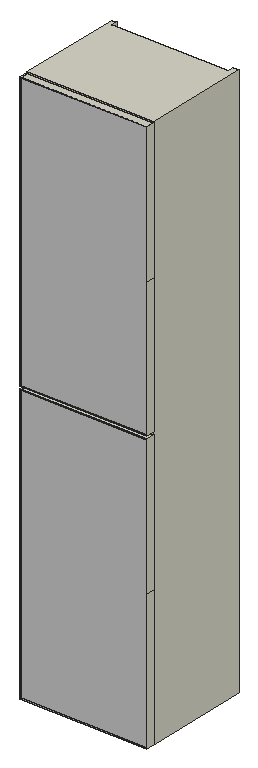
Revit family "bathroom vanity-hansgrohe-54222XXX-Xevolos E Tall cabinet Sand Matt Beige 400_360, door hinge right", category Furniture, Revit 2019
Family settings
  OmniClass Number = 23.40.00.00
  OmniClass Title = Equipment and Furnishings
  Work Plane-Based = No
  Always vertical = Yes
  Cut with Voids When Loaded = No
  Shared = Yes
  Room Calculation Point = No
Parameters (values of type "54222790-SAND_MATT_BEIGE-METALLIC_SAND_BEIGE-400")
  etim7_EC011381 = "EC011381"
  WEIGHT = "41.2"
  UNSPSC = "56 | Furniture and Furnishings"
  UNIFORMATII = "E2010 | Fixed Furnishings"
  UNICLASS_2015_CODE = "40_30_78_05"
  UNICLASS2015 = "Pr_40_30_78_05 | Bathroom furniture"
  SURFACE = "METALLIC_SAND_BEIGE"
  REGION = "Worldwide"
  PRODUCTURL = "https://pro.hansgrohe.com/articledetail--54222790"
  PERMALINK = "54222XXX"
  OMNICLASS = "23-21 19 15 33 13 | Residential Bathroom Specialty Casework"
  OBJECTTYPE = "Object (single object)"
  OBERFLAECHE = "SAND_MATT_BEIGE"
  NN = "Tall cabinet, door hinge"
  NBSYN = "$ARTNR.-$OBERFLAECHE.-$SURFACE.-$LODLEVEL."
  NB = "54222790-SAND_MATT_BEIGE-METALLIC_SAND_BEIGE-400"
  NAME = "Xevolos E Tall cabinet Sand Matt Beige 400/360, door hinge right"
  Model = "54222790-SAND_MATT_BEIGE-METALLIC_SAND_BEIGE-400"
  Manufacturer = "Hansgrohe"
  MIdent = "{$CADENAS_DATA/23d-libs/hansgrohe/xevolos_furniture/xevolos_tall_cabinet_door_hinge/tall_cabinet_door_hinge.prj},263 {VTYP=3D},{NB=54222790-SAND_MATT_BEIGE-METALLIC_SAND_BEIGE-400},{LINA=54222790-SAND_MATT_BEIGE-METALLIC_SAND_BEIGE-400},{NN=Tall cabinet, door hinge},{DATE=13.03.2023 12:06:51},{GEOMDATE=12.03.2023 06:51:00},{VERSION=},{LINEID=150},{WBVAR=LODLEVEL},{WBNUMERIC=}  {NB=54222790-SAND_MATT_BEIGE-METALLIC_SAND_BEIGE-400},{LINA=54222790-SAND_MATT_BEIGE-METALLIC_SAND_BEIGE-400},{KT=DUMMY},{IDNR=15},{ARTNR=54222790},{BASENUMBER=54222},{MODEL=54222XXX},{OBERFLAECHE=SAND_MATT_BEIGE},{SURFACE=METALLIC_SAND_BEIGE},{L=400},{LODLEVEL=400},{LODLEVELX='400','400','200','200'},{NAME=Xevolos E Tall cabinet Sand Matt Beige 400/360, door hinge right},{PERMALINK=54222XXX},{OBJECTTYPE=Object (single object)},{BIMOBJECT=Sanitary: Compound units},{COLLECTIONSET=Xevolos E},{COLLECTION=bathroom vanity},{WEIGHT=41.2},{DESCRIPTION=Xevolos E Tall cabinet Sand Matt Beige 400/360, door hinge right},{PRODUCTURL=https://pro.hansgrohe.com/articledetail--54222790},{GTINCODE=0},{TENDERURL=0},{IFC=Furnishing element},{ETIM=EC011381 | Bathroom furniture set},{UNICLASS2015=Pr_40_30_78_05 | Bathroom furniture},{OMNICLASS=23-21 19 15 33 13 | Residential Bathroom Specialty Casework},{MASTERFORMAT=12 35 30.23 | Bathroom Casework},{UNSPSC=56 | Furniture and Furnishings},{UNIFORMATII=E2010 | Fixed Furnishings},{REGION=Worldwide},{DESIGN=Germany},{MANUFACTURER=Germany}"
  MASTERFORMAT = "12 35 30.23 | Bathroom Casework"
  LODLEVEL = "400"
  LINA = "54222790-SAND_MATT_BEIGE-METALLIC_SAND_BEIGE-400"
  L = 400
  IFC = "Furnishing element"
  IDNR = 15
  ETIM = "EC011381 | Bathroom furniture set"
  DESIGN = "Germany"
  COLLECTIONSET = "Xevolos E"
  COLLECTION = "bathroom vanity"
  CATALOG = "Hansgrohe"
  BIMOBJECT = "Sanitary: Compound units"
  BASENUMBER = "54222"
  ARTNR = "54222790"
  54222790-SAND_MATT_BEIGE-METALLIC_SAND_BEIGE-400_RX0RY0RZ0TX0TY0TZ0_V = yes
  54222790-SAND_MATT_BEIGE-METALLIC_SAND_BEIGE-200_RX0RY0RZ0TX0TY0TZ0_V = no
  54222730-SAND_MATT_BEIGE-DARK_OAK-400_RX0RY0RZ0TX0TY0TZ0_V = no
  54222730-SAND_MATT_BEIGE-DARK_OAK-200_RX0RY0RZ0TX0TY0TZ0_V = no
  54222390-SAND_MATT_BEIGE-PATTEREND_BRONZE-400_RX0RY0RZ0TX0TY0TZ0_V = no
  54222390-SAND_MATT_BEIGE-PATTEREND_BRONZE-200_RX0RY0RZ0TX0TY0TZ0_V = no
Types (6, lengths in mm): name | SURFACE | NB | Model | MIdent | LODLEVEL | LINA | IDNR | ARTNR | 54222790-SAND_MATT_BEIGE-METALLIC_SAND_BEIGE-400_RX0RY0RZ0TX0TY0TZ0_V | 54222790-SAND_MATT_BEIGE-METALLIC_SAND_BEIGE-200_RX0RY0RZ0TX0TY0TZ0_V | 54222730-SAND_MATT_BEIGE-DARK_OAK-400_RX0RY0RZ0TX0TY0TZ0_V | 54222730-SAND_MATT_BEIGE-DARK_OAK-200_RX0RY0RZ0TX0TY0TZ0_V | 54222390-SAND_MATT_BEIGE-PATTEREND_BRONZE-400_RX0RY0RZ0TX0TY0TZ0_V | 54222390-SAND_MATT_BEIGE-PATTEREND_BRONZE-200_RX0RY0RZ0TX0TY0TZ0_V
  54222390-SAND_MATT_BEIGE-PATTEREND_BRONZE-200 | "PATTEREND_BRONZE" | "54222390-SAND_MATT_BEIGE-PATTEREND_BRONZE-200" | "54222390-SAND_MATT_BEIGE-PATTEREND_BRONZE-200" | "{$CADENAS_DATA/23d-libs/hansgrohe/xevolos_furniture/xevolos_tall_cabinet_door_hinge/tall_cabinet_door_hinge.prj},257 {VTYP=3D},{NB=54222390-SAND_MATT_BEIGE-PATTEREND_BRONZE-200},{LINA=54222390-SAND_MATT_BEIGE-PATTEREND_BRONZE-200},{NN=Tall cabinet, door hinge},{DATE=13.03.2023 12:06:51},{GEOMDATE=12.03.2023 06:51:00},{VERSION=},{LINEID=130},{WBVAR=LODLEVEL},{WBNUMERIC=}  {NB=54222390-SAND_MATT_BEIGE-PATTEREND_BRONZE-200},{LINA=54222390-SAND_MATT_BEIGE-PATTEREND_BRONZE-200},{KT=DUMMY},{IDNR=13},{ARTNR=54222390},{BASENUMBER=54222},{MODEL=54222XXX},{OBERFLAECHE=SAND_MATT_BEIGE},{SURFACE=PATTEREND_BRONZE},{L=400},{LODLEVEL=200},{LODLEVELX='400','400','200','200'},{NAME=Xevolos E Tall cabinet Sand Matt Beige 400/360, door hinge right},{PERMALINK=54222XXX},{OBJECTTYPE=Object (single object)},{BIMOBJECT=Sanitary: Compound units},{COLLECTIONSET=Xevolos E},{COLLECTION=bathroom vanity},{WEIGHT=41.2},{DESCRIPTION=Xevolos E Tall cabinet Sand Matt Beige 400/360, door hinge right},{PRODUCTURL=https://pro.hansgrohe.com/articledetail--54222790},{GTINCODE=0},{TENDERURL=0},{IFC=Furnishing element},{ETIM=EC011381 | Bathroom furniture set},{UNICLASS2015=Pr_40_30_78_05 | Bathroom furniture},{OMNICLASS=23-21 19 15 33 13 | Residential Bathroom Specialty Casework},{MASTERFORMAT=12 35 30.23 | Bathroom Casework},{UNSPSC=56 | Furniture and Furnishings},{UNIFORMATII=E2010 | Fixed Furnishings},{REGION=Worldwide},{DESIGN=Germany},{MANUFACTURER=Germany}" | "200" | "54222390-SAND_MATT_BEIGE-PATTEREND_BRONZE-200" | 13 | "54222390" | no | no | no | no | no | yes
  54222390-SAND_MATT_BEIGE-PATTEREND_BRONZE-400 | "PATTEREND_BRONZE" | "54222390-SAND_MATT_BEIGE-PATTEREND_BRONZE-400" | "54222390-SAND_MATT_BEIGE-PATTEREND_BRONZE-400" | "{$CADENAS_DATA/23d-libs/hansgrohe/xevolos_furniture/xevolos_tall_cabinet_door_hinge/tall_cabinet_door_hinge.prj},257 {VTYP=3D},{NB=54222390-SAND_MATT_BEIGE-PATTEREND_BRONZE-400},{LINA=54222390-SAND_MATT_BEIGE-PATTEREND_BRONZE-400},{NN=Tall cabinet, door hinge},{DATE=13.03.2023 12:06:51},{GEOMDATE=12.03.2023 06:51:00},{VERSION=},{LINEID=130},{WBVAR=LODLEVEL},{WBNUMERIC=}  {NB=54222390-SAND_MATT_BEIGE-PATTEREND_BRONZE-400},{LINA=54222390-SAND_MATT_BEIGE-PATTEREND_BRONZE-400},{KT=DUMMY},{IDNR=13},{ARTNR=54222390},{BASENUMBER=54222},{MODEL=54222XXX},{OBERFLAECHE=SAND_MATT_BEIGE},{SURFACE=PATTEREND_BRONZE},{L=400},{LODLEVEL=400},{LODLEVELX='400','400','200','200'},{NAME=Xevolos E Tall cabinet Sand Matt Beige 400/360, door hinge right},{PERMALINK=54222XXX},{OBJECTTYPE=Object (single object)},{BIMOBJECT=Sanitary: Compound units},{COLLECTIONSET=Xevolos E},{COLLECTION=bathroom vanity},{WEIGHT=41.2},{DESCRIPTION=Xevolos E Tall cabinet Sand Matt Beige 400/360, door hinge right},{PRODUCTURL=https://pro.hansgrohe.com/articledetail--54222790},{GTINCODE=0},{TENDERURL=0},{IFC=Furnishing element},{ETIM=EC011381 | Bathroom furniture set},{UNICLASS2015=Pr_40_30_78_05 | Bathroom furniture},{OMNICLASS=23-21 19 15 33 13 | Residential Bathroom Specialty Casework},{MASTERFORMAT=12 35 30.23 | Bathroom Casework},{UNSPSC=56 | Furniture and Furnishings},{UNIFORMATII=E2010 | Fixed Furnishings},{REGION=Worldwide},{DESIGN=Germany},{MANUFACTURER=Germany}" | "400" | "54222390-SAND_MATT_BEIGE-PATTEREND_BRONZE-400" | 13 | "54222390" | no | no | no | no | yes | no
  54222730-SAND_MATT_BEIGE-DARK_OAK-200 | "DARK_OAK" | "54222730-SAND_MATT_BEIGE-DARK_OAK-200" | "54222730-SAND_MATT_BEIGE-DARK_OAK-200" | "{$CADENAS_DATA/23d-libs/hansgrohe/xevolos_furniture/xevolos_tall_cabinet_door_hinge/tall_cabinet_door_hinge.prj},241 {VTYP=3D},{NB=54222730-SAND_MATT_BEIGE-DARK_OAK-200},{LINA=54222730-SAND_MATT_BEIGE-DARK_OAK-200},{NN=Tall cabinet, door hinge},{DATE=13.03.2023 12:06:51},{GEOMDATE=12.03.2023 06:51:00},{VERSION=},{LINEID=140},{WBVAR=LODLEVEL},{WBNUMERIC=}  {NB=54222730-SAND_MATT_BEIGE-DARK_OAK-200},{LINA=54222730-SAND_MATT_BEIGE-DARK_OAK-200},{KT=DUMMY},{IDNR=14},{ARTNR=54222730},{BASENUMBER=54222},{MODEL=54222XXX},{OBERFLAECHE=SAND_MATT_BEIGE},{SURFACE=DARK_OAK},{L=400},{LODLEVEL=200},{LODLEVELX='400','400','200','200'},{NAME=Xevolos E Tall cabinet Sand Matt Beige 400/360, door hinge right},{PERMALINK=54222XXX},{OBJECTTYPE=Object (single object)},{BIMOBJECT=Sanitary: Compound units},{COLLECTIONSET=Xevolos E},{COLLECTION=bathroom vanity},{WEIGHT=41.2},{DESCRIPTION=Xevolos E Tall cabinet Sand Matt Beige 400/360, door hinge right},{PRODUCTURL=https://pro.hansgrohe.com/articledetail--54222790},{GTINCODE=0},{TENDERURL=0},{IFC=Furnishing element},{ETIM=EC011381 | Bathroom furniture set},{UNICLASS2015=Pr_40_30_78_05 | Bathroom furniture},{OMNICLASS=23-21 19 15 33 13 | Residential Bathroom Specialty Casework},{MASTERFORMAT=12 35 30.23 | Bathroom Casework},{UNSPSC=56 | Furniture and Furnishings},{UNIFORMATII=E2010 | Fixed Furnishings},{REGION=Worldwide},{DESIGN=Germany},{MANUFACTURER=Germany}" | "200" | "54222730-SAND_MATT_BEIGE-DARK_OAK-200" | 14 | "54222730" | no | no | no | yes | no | no
  54222730-SAND_MATT_BEIGE-DARK_OAK-400 | "DARK_OAK" | "54222730-SAND_MATT_BEIGE-DARK_OAK-400" | "54222730-SAND_MATT_BEIGE-DARK_OAK-400" | "{$CADENAS_DATA/23d-libs/hansgrohe/xevolos_furniture/xevolos_tall_cabinet_door_hinge/tall_cabinet_door_hinge.prj},241 {VTYP=3D},{NB=54222730-SAND_MATT_BEIGE-DARK_OAK-400},{LINA=54222730-SAND_MATT_BEIGE-DARK_OAK-400},{NN=Tall cabinet, door hinge},{DATE=13.03.2023 12:06:51},{GEOMDATE=12.03.2023 06:51:00},{VERSION=},{LINEID=140},{WBVAR=LODLEVEL},{WBNUMERIC=}  {NB=54222730-SAND_MATT_BEIGE-DARK_OAK-400},{LINA=54222730-SAND_MATT_BEIGE-DARK_OAK-400},{KT=DUMMY},{IDNR=14},{ARTNR=54222730},{BASENUMBER=54222},{MODEL=54222XXX},{OBERFLAECHE=SAND_MATT_BEIGE},{SURFACE=DARK_OAK},{L=400},{LODLEVEL=400},{LODLEVELX='400','400','200','200'},{NAME=Xevolos E Tall cabinet Sand Matt Beige 400/360, door hinge right},{PERMALINK=54222XXX},{OBJECTTYPE=Object (single object)},{BIMOBJECT=Sanitary: Compound units},{COLLECTIONSET=Xevolos E},{COLLECTION=bathroom vanity},{WEIGHT=41.2},{DESCRIPTION=Xevolos E Tall cabinet Sand Matt Beige 400/360, door hinge right},{PRODUCTURL=https://pro.hansgrohe.com/articledetail--54222790},{GTINCODE=0},{TENDERURL=0},{IFC=Furnishing element},{ETIM=EC011381 | Bathroom furniture set},{UNICLASS2015=Pr_40_30_78_05 | Bathroom furniture},{OMNICLASS=23-21 19 15 33 13 | Residential Bathroom Specialty Casework},{MASTERFORMAT=12 35 30.23 | Bathroom Casework},{UNSPSC=56 | Furniture and Furnishings},{UNIFORMATII=E2010 | Fixed Furnishings},{REGION=Worldwide},{DESIGN=Germany},{MANUFACTURER=Germany}" | "400" | "54222730-SAND_MATT_BEIGE-DARK_OAK-400" | 14 | "54222730" | no | no | yes | no | no | no
  54222790-SAND_MATT_BEIGE-METALLIC_SAND_BEIGE-200 | "METALLIC_SAND_BEIGE" | "54222790-SAND_MATT_BEIGE-METALLIC_SAND_BEIGE-200" | "54222790-SAND_MATT_BEIGE-METALLIC_SAND_BEIGE-200" | "{$CADENAS_DATA/23d-libs/hansgrohe/xevolos_furniture/xevolos_tall_cabinet_door_hinge/tall_cabinet_door_hinge.prj},263 {VTYP=3D},{NB=54222790-SAND_MATT_BEIGE-METALLIC_SAND_BEIGE-200},{LINA=54222790-SAND_MATT_BEIGE-METALLIC_SAND_BEIGE-200},{NN=Tall cabinet, door hinge},{DATE=13.03.2023 12:06:51},{GEOMDATE=12.03.2023 06:51:00},{VERSION=},{LINEID=150},{WBVAR=LODLEVEL},{WBNUMERIC=}  {NB=54222790-SAND_MATT_BEIGE-METALLIC_SAND_BEIGE-200},{LINA=54222790-SAND_MATT_BEIGE-METALLIC_SAND_BEIGE-200},{KT=DUMMY},{IDNR=15},{ARTNR=54222790},{BASENUMBER=54222},{MODEL=54222XXX},{OBERFLAECHE=SAND_MATT_BEIGE},{SURFACE=METALLIC_SAND_BEIGE},{L=400},{LODLEVEL=200},{LODLEVELX='400','400','200','200'},{NAME=Xevolos E Tall cabinet Sand Matt Beige 400/360, door hinge right},{PERMALINK=54222XXX},{OBJECTTYPE=Object (single object)},{BIMOBJECT=Sanitary: Compound units},{COLLECTIONSET=Xevolos E},{COLLECTION=bathroom vanity},{WEIGHT=41.2},{DESCRIPTION=Xevolos E Tall cabinet Sand Matt Beige 400/360, door hinge right},{PRODUCTURL=https://pro.hansgrohe.com/articledetail--54222790},{GTINCODE=0},{TENDERURL=0},{IFC=Furnishing element},{ETIM=EC011381 | Bathroom furniture set},{UNICLASS2015=Pr_40_30_78_05 | Bathroom furniture},{OMNICLASS=23-21 19 15 33 13 | Residential Bathroom Specialty Casework},{MASTERFORMAT=12 35 30.23 | Bathroom Casework},{UNSPSC=56 | Furniture and Furnishings},{UNIFORMATII=E2010 | Fixed Furnishings},{REGION=Worldwide},{DESIGN=Germany},{MANUFACTURER=Germany}" | "200" | "54222790-SAND_MATT_BEIGE-METALLIC_SAND_BEIGE-200" | 15 | "54222790" | no | yes | no | no | no | no
  54222790-SAND_MATT_BEIGE-METALLIC_SAND_BEIGE-400 | "METALLIC_SAND_BEIGE" | "54222790-SAND_MATT_BEIGE-METALLIC_SAND_BEIGE-400" | "54222790-SAND_MATT_BEIGE-METALLIC_SAND_BEIGE-400" | "{$CADENAS_DATA/23d-libs/hansgrohe/xevolos_furniture/xevolos_tall_cabinet_door_hinge/tall_cabinet_door_hinge.prj},263 {VTYP=3D},{NB=54222790-SAND_MATT_BEIGE-METALLIC_SAND_BEIGE-400},{LINA=54222790-SAND_MATT_BEIGE-METALLIC_SAND_BEIGE-400},{NN=Tall cabinet, door hinge},{DATE=13.03.2023 12:06:51},{GEOMDATE=12.03.2023 06:51:00},{VERSION=},{LINEID=150},{WBVAR=LODLEVEL},{WBNUMERIC=}  {NB=54222790-SAND_MATT_BEIGE-METALLIC_SAND_BEIGE-400},{LINA=54222790-SAND_MATT_BEIGE-METALLIC_SAND_BEIGE-400},{KT=DUMMY},{IDNR=15},{ARTNR=54222790},{BASENUMBER=54222},{MODEL=54222XXX},{OBERFLAECHE=SAND_MATT_BEIGE},{SURFACE=METALLIC_SAND_BEIGE},{L=400},{LODLEVEL=400},{LODLEVELX='400','400','200','200'},{NAME=Xevolos E Tall cabinet Sand Matt Beige 400/360, door hinge right},{PERMALINK=54222XXX},{OBJECTTYPE=Object (single object)},{BIMOBJECT=Sanitary: Compound units},{COLLECTIONSET=Xevolos E},{COLLECTION=bathroom vanity},{WEIGHT=41.2},{DESCRIPTION=Xevolos E Tall cabinet Sand Matt Beige 400/360, door hinge right},{PRODUCTURL=https://pro.hansgrohe.com/articledetail--54222790},{GTINCODE=0},{TENDERURL=0},{IFC=Furnishing element},{ETIM=EC011381 | Bathroom furniture set},{UNICLASS2015=Pr_40_30_78_05 | Bathroom furniture},{OMNICLASS=23-21 19 15 33 13 | Residential Bathroom Specialty Casework},{MASTERFORMAT=12 35 30.23 | Bathroom Casework},{UNSPSC=56 | Furniture and Furnishings},{UNIFORMATII=E2010 | Fixed Furnishings},{REGION=Worldwide},{DESIGN=Germany},{MANUFACTURER=Germany}" | "400" | "54222790-SAND_MATT_BEIGE-METALLIC_SAND_BEIGE-400" | 15 | "54222790" | yes | no | no | no | no | no
Reference planes
  plane 1 "Center (Front/Back)": y = 0
  plane 2: z = 0
  plane 3 "Center (Left/Right)": x = 0
Dimensions and locks
  aligned and locked: level to plane 2
Nested families
  nested 1: "54222390-sand_matt_beige-patterend_bronze-200_content" at (0, 0, 0), visible <- "54222390-SAND_MATT_BEIGE-PATTEREND_BRONZE-200_RX0RY0RZ0TX0TY0TZ0_V", ContentVisible <- "54222390-SAND_MATT_BEIGE-PATTEREND_BRONZE-200_RX0RY0RZ0TX0TY0TZ0_V", type "54222390-SAND_MATT_BEIGE-PATTEREND_BRONZE-200_Content"
    with ContentVisible no
  nested 2: "54222390-sand_matt_beige-patterend_bronze-400_content" at (0, 0, 0), visible <- "54222390-SAND_MATT_BEIGE-PATTEREND_BRONZE-400_RX0RY0RZ0TX0TY0TZ0_V", ContentVisible <- "54222390-SAND_MATT_BEIGE-PATTEREND_BRONZE-400_RX0RY0RZ0TX0TY0TZ0_V", type "54222390-SAND_MATT_BEIGE-PATTEREND_BRONZE-400_Content"
    with ContentVisible no
  nested 3: "54222730-sand_matt_beige-dark_oak-200_content" at (0, 0, 0), visible <- "54222730-SAND_MATT_BEIGE-DARK_OAK-200_RX0RY0RZ0TX0TY0TZ0_V", ContentVisible <- "54222730-SAND_MATT_BEIGE-DARK_OAK-200_RX0RY0RZ0TX0TY0TZ0_V", type "54222730-SAND_MATT_BEIGE-DARK_OAK-200_Content"
    with ContentVisible no
  nested 4: "54222730-sand_matt_beige-dark_oak-400_content" at (0, 0, 0), visible <- "54222730-SAND_MATT_BEIGE-DARK_OAK-400_RX0RY0RZ0TX0TY0TZ0_V", ContentVisible <- "54222730-SAND_MATT_BEIGE-DARK_OAK-400_RX0RY0RZ0TX0TY0TZ0_V", type "54222730-SAND_MATT_BEIGE-DARK_OAK-400_Content"
    with ContentVisible no
  nested 5: "54222790-sand_matt_beige-metallic_sand_beige-200_content" at (0, 0, 0), visible <- "54222790-SAND_MATT_BEIGE-METALLIC_SAND_BEIGE-200_RX0RY0RZ0TX0TY0TZ0_V", ContentVisible <- "54222790-SAND_MATT_BEIGE-METALLIC_SAND_BEIGE-200_RX0RY0RZ0TX0TY0TZ0_V", type "54222790-SAND_MATT_BEIGE-METALLIC_SAND_BEIGE-200_Content"
    with ContentVisible no
  nested 6: "54222790-sand_matt_beige-metallic_sand_beige-400_content" at (0, 0, 0), visible <- "54222790-SAND_MATT_BEIGE-METALLIC_SAND_BEIGE-400_RX0RY0RZ0TX0TY0TZ0_V", ContentVisible <- "54222790-SAND_MATT_BEIGE-METALLIC_SAND_BEIGE-400_RX0RY0RZ0TX0TY0TZ0_V", type "54222790-SAND_MATT_BEIGE-METALLIC_SAND_BEIGE-400_Content"
    with ContentVisible yes
Definition of nested family "54222790-sand_matt_beige-metallic_sand_beige-400_content"
  Parameters (values of type "54222790-SAND_MATT_BEIGE-METALLIC_SAND_BEIGE-400_Content")
    etim7_EC011381 = "EC011381"
    WEIGHT = "41.2"
    UNSPSC = "56 | Furniture and Furnishings"
    UNIFORMATII = "E2010 | Fixed Furnishings"
    UNICLASS_2015_CODE = "40_30_78_05"
    UNICLASS2015 = "Pr_40_30_78_05 | Bathroom furniture"
    SURFACE = "METALLIC_SAND_BEIGE"
    REGION = "Worldwide"
    PRODUCTURL = "https://pro.hansgrohe.com/articledetail--54222790"
    PERMALINK = "54222XXX"
    OMNICLASS = "23-21 19 15 33 13 | Residential Bathroom Specialty Casework"
    OBJECTTYPE = "Object (single object)"
    OBERFLAECHE = "SAND_MATT_BEIGE"
    NN = "Tall cabinet, door hinge"
    NBSYN = "$ARTNR.-$OBERFLAECHE.-$SURFACE.-$LODLEVEL."
    NB = "54222790-SAND_MATT_BEIGE-METALLIC_SAND_BEIGE-400"
    NAME = "Xevolos E Tall cabinet Sand Matt Beige 400/360, door hinge right"
    Model = "54222790-SAND_MATT_BEIGE-METALLIC_SAND_BEIGE-400"
    Manufacturer = "Hansgrohe"
    MASTERFORMAT = "12 35 30.23 | Bathroom Casework"
    LODLEVEL = "400"
    LINA = "54222790-SAND_MATT_BEIGE-METALLIC_SAND_BEIGE-400"
    L = 400
    IFC = "Furnishing element"
    IDNR = 15
    ETIM = "EC011381 | Bathroom furniture set"
    Default Elevation = 1219.2 mm
    DESIGN = "Germany"
    ContentVisible [instance] = yes
    COLLECTIONSET = "Xevolos E"
    COLLECTION = "bathroom vanity"
    CATALOG = "Hansgrohe"
    BIMOBJECT = "Sanitary: Compound units"
    BASENUMBER = "54222"
    ARTNR = "54222790"
  Reference planes
    plane 1 "Center (Front/Back)": y = 0
    plane 2: z = 0
    plane 3 "Center (Left/Right)": x = 0
  Forms (mm)
    Extrusion 1, solid, visible <- "ContentVisible", detail levels medium+fine
      sketch origin (0, 0, 0) x (1, 0, 0) y (0, 1, 0)
        loop
          line (-200, 0) -> (-200, -334.5) -> (200, -334.5) -> (200, 0) -> (184, 0) -> (184, -16.8) -> (-184, -16.8) -> (-184, 0) -> (-200, 0)
      from 0 to 1760
    Extrusion 2, solid, visible <- "ContentVisible", detail levels medium+fine
      sketch origin (0, -334.5, 0) x (1, 0, 0) y (0, 0, -1)
        loop
          line (-200, -2) -> (-200, -439) -> (-198, -439) -> (-198, -4) -> (198, -4) -> (198, -439) -> (200, -439) -> (200, -2) -> (-200, -2)
      from -24.75 to 0
    Extrusion 3, solid, visible <- "ContentVisible", detail levels medium+fine
      sketch origin (0, -334.5, 0) x (1, 0, 0) y (0, 0, -1)
        loop
          line (-200, -439) -> (-200, -876) -> (200, -876) -> (200, -439) -> (198, -439) -> (198, -874) -> (-198, -874) -> (-198, -439) -> (-200, -439)
      from -24.75 to 0
    Extrusion 4, solid, visible <- "ContentVisible", detail levels medium+fine
      sketch origin (0, -334.5, 0) x (1, 0, 0) y (0, 0, -1)
        loop
          line (-198, -4) -> (-198, -874) -> (198, -874) -> (198, -4) -> (-198, -4)
      from -24.75 to 0
    Extrusion 5, solid, visible <- "ContentVisible", detail levels medium+fine
      sketch origin (0, -334.5, 0) x (1, 0, 0) y (0, 0, -1)
        loop
          line (-200, -884) -> (-200, -1321) -> (-198, -1321) -> (-198, -886) -> (198, -886) -> (198, -1321) -> (200, -1321) -> (200, -884) -> (-200, -884)
      from -24.75 to 0
    Extrusion 6, solid, visible <- "ContentVisible", detail levels medium+fine
      sketch origin (0, -334.5, 0) x (1, 0, 0) y (0, 0, -1)
        loop
          line (-200, -1321) -> (-200, -1758) -> (200, -1758) -> (200, -1321) -> (198, -1321) -> (198, -1756) -> (-198, -1756) -> (-198, -1321) -> (-200, -1321)
      from -24.75 to 0
    Extrusion 7, solid, visible <- "ContentVisible", detail levels medium+fine
      sketch origin (0, -334.5, 0) x (1, 0, 0) y (0, 0, -1)
        loop
          line (-198, -886) -> (-198, -1756) -> (198, -1756) -> (198, -886) -> (-198, -886)
      from -24.75 to 0
    Extrusion 8, solid, visible <- "ContentVisible", detail levels coarse
      sketch origin (0, -179.625, 0) x (1, 0, 0) y (0, 1, 0)
        loop
          line (-200, -179.625) -> (200, -179.625) -> (200, 179.625) -> (-200, 179.625) -> (-200, -179.625)
      from 0 to 1760
  Dimensions and locks
    aligned and locked: level to plane 2
Definition of nested family "54222390-sand_matt_beige-patterend_bronze-200_content"
  Parameters (values of type "54222390-SAND_MATT_BEIGE-PATTEREND_BRONZE-200_Content")
    etim7_EC011381 = "EC011381"
    WEIGHT = "41.2"
    UNSPSC = "56 | Furniture and Furnishings"
    UNIFORMATII = "E2010 | Fixed Furnishings"
    UNICLASS_2015_CODE = "40_30_78_05"
    UNICLASS2015 = "Pr_40_30_78_05 | Bathroom furniture"
    SURFACE = "PATTEREND_BRONZE"
    REGION = "Worldwide"
    PRODUCTURL = "https://pro.hansgrohe.com/articledetail--54222790"
    PERMALINK = "54222XXX"
    OMNICLASS = "23-21 19 15 33 13 | Residential Bathroom Specialty Casework"
    OBJECTTYPE = "Object (single object)"
    OBERFLAECHE = "SAND_MATT_BEIGE"
    NN = "Tall cabinet, door hinge"
    NBSYN = "$ARTNR.-$OBERFLAECHE.-$SURFACE.-$LODLEVEL."
    NB = "54222390-SAND_MATT_BEIGE-PATTEREND_BRONZE-200"
    NAME = "Xevolos E Tall cabinet Sand Matt Beige 400/360, door hinge right"
    Model = "54222390-SAND_MATT_BEIGE-PATTEREND_BRONZE-200"
    Manufacturer = "Hansgrohe"
    MASTERFORMAT = "12 35 30.23 | Bathroom Casework"
    LODLEVEL = "200"
    LINA = "54222390-SAND_MATT_BEIGE-PATTEREND_BRONZE-200"
    L = 400
    IFC = "Furnishing element"
    IDNR = 13
    ETIM = "EC011381 | Bathroom furniture set"
    Default Elevation = 1219.2 mm
    DESIGN = "Germany"
    ContentVisible [instance] = yes
    COLLECTIONSET = "Xevolos E"
    COLLECTION = "bathroom vanity"
    CATALOG = "Hansgrohe"
    BIMOBJECT = "Sanitary: Compound units"
    BASENUMBER = "54222"
    ARTNR = "54222390"
  Reference planes
    plane 1 "Center (Front/Back)": y = 0
    plane 2: z = 0
    plane 3 "Center (Left/Right)": x = 0
  Forms (mm)
    Extrusion 1, solid, visible <- "ContentVisible", detail levels medium+fine
      sketch origin (0, 0, 0) x (1, 0, 0) y (0, 1, 0)
        loop
          line (-200, 0) -> (-200, -334.5) -> (200, -334.5) -> (200, 0) -> (-200, 0)
      from 0 to 1760
    Extrusion 2, solid, visible <- "ContentVisible", detail levels medium+fine
      sketch origin (0, -334.5, 0) x (1, 0, 0) y (0, 0, -1)
        loop
          line (-200, -2) -> (-200, -1758) -> (200, -1758) -> (200, -2) -> (-200, -2)
        loop
          line (-198, -4) -> (-198, -1756) -> (198, -1756) -> (198, -4) -> (-198, -4)
      from -24.75 to 0
    Extrusion 3, solid, visible <- "ContentVisible", detail levels medium+fine
      sketch origin (0, -334.5, 0) x (1, 0, 0) y (0, 0, -1)
        loop
          line (-198, -4) -> (-198, -1756) -> (198, -1756) -> (198, -4) -> (-198, -4)
      from -24.75 to 0
    Extrusion 4, solid, visible <- "ContentVisible", detail levels coarse
      sketch origin (0, -179.625, 0) x (1, 0, 0) y (0, 1, 0)
        loop
          line (-200, -179.625) -> (200, -179.625) -> (200, 179.625) -> (-200, 179.625) -> (-200, -179.625)
      from 0 to 1760
  Dimensions and locks
    aligned and locked: level to plane 2
Definition of nested family "54222390-sand_matt_beige-patterend_bronze-400_content"
  Parameters (values of type "54222390-SAND_MATT_BEIGE-PATTEREND_BRONZE-400_Content")
    etim7_EC011381 = "EC011381"
    WEIGHT = "41.2"
    UNSPSC = "56 | Furniture and Furnishings"
    UNIFORMATII = "E2010 | Fixed Furnishings"
    UNICLASS_2015_CODE = "40_30_78_05"
    UNICLASS2015 = "Pr_40_30_78_05 | Bathroom furniture"
    SURFACE = "PATTEREND_BRONZE"
    REGION = "Worldwide"
    PRODUCTURL = "https://pro.hansgrohe.com/articledetail--54222790"
    PERMALINK = "54222XXX"
    OMNICLASS = "23-21 19 15 33 13 | Residential Bathroom Specialty Casework"
    OBJECTTYPE = "Object (single object)"
    OBERFLAECHE = "SAND_MATT_BEIGE"
    NN = "Tall cabinet, door hinge"
    NBSYN = "$ARTNR.-$OBERFLAECHE.-$SURFACE.-$LODLEVEL."
    NB = "54222390-SAND_MATT_BEIGE-PATTEREND_BRONZE-400"
    NAME = "Xevolos E Tall cabinet Sand Matt Beige 400/360, door hinge right"
    Model = "54222390-SAND_MATT_BEIGE-PATTEREND_BRONZE-400"
    Manufacturer = "Hansgrohe"
    MASTERFORMAT = "12 35 30.23 | Bathroom Casework"
    LODLEVEL = "400"
    LINA = "54222390-SAND_MATT_BEIGE-PATTEREND_BRONZE-400"
    L = 400
    IFC = "Furnishing element"
    IDNR = 13
    ETIM = "EC011381 | Bathroom furniture set"
    Default Elevation = 1219.2 mm
    DESIGN = "Germany"
    ContentVisible [instance] = yes
    COLLECTIONSET = "Xevolos E"
    COLLECTION = "bathroom vanity"
    CATALOG = "Hansgrohe"
    BIMOBJECT = "Sanitary: Compound units"
    BASENUMBER = "54222"
    ARTNR = "54222390"
  Reference planes
    plane 1 "Center (Front/Back)": y = 0
    plane 2: z = 0
    plane 3 "Center (Left/Right)": x = 0
  Forms (mm)
    Extrusion 1, solid, visible <- "ContentVisible", detail levels medium+fine
      sketch origin (0, 0, 0) x (1, 0, 0) y (0, 1, 0)
        loop
          line (-200, 0) -> (-200, -334.5) -> (200, -334.5) -> (200, 0) -> (184, 0) -> (184, -16.8) -> (-184, -16.8) -> (-184, 0) -> (-200, 0)
      from 0 to 1760
    Extrusion 2, solid, visible <- "ContentVisible", detail levels medium+fine
      sketch origin (0, -334.5, 0) x (1, 0, 0) y (0, 0, -1)
        loop
          line (-200, -2) -> (-200, -439) -> (-198, -439) -> (-198, -4) -> (198, -4) -> (198, -439) -> (200, -439) -> (200, -2) -> (-200, -2)
      from -24.75 to 0
    Extrusion 3, solid, visible <- "ContentVisible", detail levels medium+fine
      sketch origin (0, -334.5, 0) x (1, 0, 0) y (0, 0, -1)
        loop
          line (-200, -439) -> (-200, -876) -> (200, -876) -> (200, -439) -> (198, -439) -> (198, -874) -> (-198, -874) -> (-198, -439) -> (-200, -439)
      from -24.75 to 0
    Extrusion 4, solid, visible <- "ContentVisible", detail levels medium+fine
      sketch origin (0, -334.5, 0) x (1, 0, 0) y (0, 0, -1)
        loop
          line (-198, -4) -> (-198, -874) -> (198, -874) -> (198, -4) -> (-198, -4)
      from -24.75 to 0
    Extrusion 5, solid, visible <- "ContentVisible", detail levels medium+fine
      sketch origin (0, -334.5, 0) x (1, 0, 0) y (0, 0, -1)
        loop
          line (-200, -884) -> (-200, -1321) -> (-198, -1321) -> (-198, -886) -> (198, -886) -> (198, -1321) -> (200, -1321) -> (200, -884) -> (-200, -884)
      from -24.75 to 0
    Extrusion 6, solid, visible <- "ContentVisible", detail levels medium+fine
      sketch origin (0, -334.5, 0) x (1, 0, 0) y (0, 0, -1)
        loop
          line (-200, -1321) -> (-200, -1758) -> (200, -1758) -> (200, -1321) -> (198, -1321) -> (198, -1756) -> (-198, -1756) -> (-198, -1321) -> (-200, -1321)
      from -24.75 to 0
    Extrusion 7, solid, visible <- "ContentVisible", detail levels medium+fine
      sketch origin (0, -334.5, 0) x (1, 0, 0) y (0, 0, -1)
        loop
          line (-198, -886) -> (-198, -1756) -> (198, -1756) -> (198, -886) -> (-198, -886)
      from -24.75 to 0
    Extrusion 8, solid, visible <- "ContentVisible", detail levels coarse
      sketch origin (0, -179.625, 0) x (1, 0, 0) y (0, 1, 0)
        loop
          line (-200, -179.625) -> (200, -179.625) -> (200, 179.625) -> (-200, 179.625) -> (-200, -179.625)
      from 0 to 1760
  Dimensions and locks
    aligned and locked: level to plane 2
Definition of nested family "54222730-sand_matt_beige-dark_oak-200_content"
  Parameters (values of type "54222730-SAND_MATT_BEIGE-DARK_OAK-200_Content")
    etim7_EC011381 = "EC011381"
    WEIGHT = "41.2"
    UNSPSC = "56 | Furniture and Furnishings"
    UNIFORMATII = "E2010 | Fixed Furnishings"
    UNICLASS_2015_CODE = "40_30_78_05"
    UNICLASS2015 = "Pr_40_30_78_05 | Bathroom furniture"
    SURFACE = "DARK_OAK"
    REGION = "Worldwide"
    PRODUCTURL = "https://pro.hansgrohe.com/articledetail--54222790"
    PERMALINK = "54222XXX"
    OMNICLASS = "23-21 19 15 33 13 | Residential Bathroom Specialty Casework"
    OBJECTTYPE = "Object (single object)"
    OBERFLAECHE = "SAND_MATT_BEIGE"
    NN = "Tall cabinet, door hinge"
    NBSYN = "$ARTNR.-$OBERFLAECHE.-$SURFACE.-$LODLEVEL."
    NB = "54222730-SAND_MATT_BEIGE-DARK_OAK-200"
    NAME = "Xevolos E Tall cabinet Sand Matt Beige 400/360, door hinge right"
    Model = "54222730-SAND_MATT_BEIGE-DARK_OAK-200"
    Manufacturer = "Hansgrohe"
    MASTERFORMAT = "12 35 30.23 | Bathroom Casework"
    LODLEVEL = "200"
    LINA = "54222730-SAND_MATT_BEIGE-DARK_OAK-200"
    L = 400
    IFC = "Furnishing element"
    IDNR = 14
    ETIM = "EC011381 | Bathroom furniture set"
    Default Elevation = 1219.2 mm
    DESIGN = "Germany"
    ContentVisible [instance] = yes
    COLLECTIONSET = "Xevolos E"
    COLLECTION = "bathroom vanity"
    CATALOG = "Hansgrohe"
    BIMOBJECT = "Sanitary: Compound units"
    BASENUMBER = "54222"
    ARTNR = "54222730"
  Reference planes
    plane 1 "Center (Front/Back)": y = 0
    plane 2: z = 0
    plane 3 "Center (Left/Right)": x = 0
  Forms (mm)
    Extrusion 1, solid, visible <- "ContentVisible", detail levels medium+fine
      sketch origin (0, 0, 0) x (1, 0, 0) y (0, 1, 0)
        loop
          line (-200, 0) -> (-200, -334.5) -> (200, -334.5) -> (200, 0) -> (-200, 0)
      from 0 to 1760
    Extrusion 2, solid, visible <- "ContentVisible", detail levels medium+fine
      sketch origin (0, -334.5, 0) x (1, 0, 0) y (0, 0, -1)
        loop
          line (-200, -2) -> (-200, -1758) -> (200, -1758) -> (200, -2) -> (-200, -2)
        loop
          line (-198, -4) -> (-198, -1756) -> (198, -1756) -> (198, -4) -> (-198, -4)
      from -24.75 to 0
    Extrusion 3, solid, visible <- "ContentVisible", detail levels medium+fine
      sketch origin (0, -334.5, 0) x (1, 0, 0) y (0, 0, -1)
        loop
          line (-198, -4) -> (-198, -1756) -> (198, -1756) -> (198, -4) -> (-198, -4)
      from -24.75 to 0
    Extrusion 4, solid, visible <- "ContentVisible", detail levels coarse
      sketch origin (0, -179.625, 0) x (1, 0, 0) y (0, 1, 0)
        loop
          line (-200, -179.625) -> (200, -179.625) -> (200, 179.625) -> (-200, 179.625) -> (-200, -179.625)
      from 0 to 1760
  Dimensions and locks
    aligned and locked: level to plane 2
Definition of nested family "54222730-sand_matt_beige-dark_oak-400_content"
  Parameters (values of type "54222730-SAND_MATT_BEIGE-DARK_OAK-400_Content")
    etim7_EC011381 = "EC011381"
    WEIGHT = "41.2"
    UNSPSC = "56 | Furniture and Furnishings"
    UNIFORMATII = "E2010 | Fixed Furnishings"
    UNICLASS_2015_CODE = "40_30_78_05"
    UNICLASS2015 = "Pr_40_30_78_05 | Bathroom furniture"
    SURFACE = "DARK_OAK"
    REGION = "Worldwide"
    PRODUCTURL = "https://pro.hansgrohe.com/articledetail--54222790"
    PERMALINK = "54222XXX"
    OMNICLASS = "23-21 19 15 33 13 | Residential Bathroom Specialty Casework"
    OBJECTTYPE = "Object (single object)"
    OBERFLAECHE = "SAND_MATT_BEIGE"
    NN = "Tall cabinet, door hinge"
    NBSYN = "$ARTNR.-$OBERFLAECHE.-$SURFACE.-$LODLEVEL."
    NB = "54222730-SAND_MATT_BEIGE-DARK_OAK-400"
    NAME = "Xevolos E Tall cabinet Sand Matt Beige 400/360, door hinge right"
    Model = "54222730-SAND_MATT_BEIGE-DARK_OAK-400"
    Manufacturer = "Hansgrohe"
    MASTERFORMAT = "12 35 30.23 | Bathroom Casework"
    LODLEVEL = "400"
    LINA = "54222730-SAND_MATT_BEIGE-DARK_OAK-400"
    L = 400
    IFC = "Furnishing element"
    IDNR = 14
    ETIM = "EC011381 | Bathroom furniture set"
    Default Elevation = 1219.2 mm
    DESIGN = "Germany"
    ContentVisible [instance] = yes
    COLLECTIONSET = "Xevolos E"
    COLLECTION = "bathroom vanity"
    CATALOG = "Hansgrohe"
    BIMOBJECT = "Sanitary: Compound units"
    BASENUMBER = "54222"
    ARTNR = "54222730"
  Reference planes
    plane 1 "Center (Front/Back)": y = 0
    plane 2: z = 0
    plane 3 "Center (Left/Right)": x = 0
  Forms (mm)
    Extrusion 1, solid, visible <- "ContentVisible", detail levels medium+fine
      sketch origin (0, 0, 0) x (1, 0, 0) y (0, 1, 0)
        loop
          line (-200, 0) -> (-200, -334.5) -> (200, -334.5) -> (200, 0) -> (184, 0) -> (184, -16.8) -> (-184, -16.8) -> (-184, 0) -> (-200, 0)
      from 0 to 1760
    Extrusion 2, solid, visible <- "ContentVisible", detail levels medium+fine
      sketch origin (0, -334.5, 0) x (1, 0, 0) y (0, 0, -1)
        loop
          line (-200, -2) -> (-200, -439) -> (-198, -439) -> (-198, -4) -> (198, -4) -> (198, -439) -> (200, -439) -> (200, -2) -> (-200, -2)
      from -24.75 to 0
    Extrusion 3, solid, visible <- "ContentVisible", detail levels medium+fine
      sketch origin (0, -334.5, 0) x (1, 0, 0) y (0, 0, -1)
        loop
          line (-200, -439) -> (-200, -876) -> (200, -876) -> (200, -439) -> (198, -439) -> (198, -874) -> (-198, -874) -> (-198, -439) -> (-200, -439)
      from -24.75 to 0
    Extrusion 4, solid, visible <- "ContentVisible", detail levels medium+fine
      sketch origin (0, -334.5, 0) x (1, 0, 0) y (0, 0, -1)
        loop
          line (-198, -4) -> (-198, -874) -> (198, -874) -> (198, -4) -> (-198, -4)
      from -24.75 to 0
    Extrusion 5, solid, visible <- "ContentVisible", detail levels medium+fine
      sketch origin (0, -334.5, 0) x (1, 0, 0) y (0, 0, -1)
        loop
          line (-200, -884) -> (-200, -1321) -> (-198, -1321) -> (-198, -886) -> (198, -886) -> (198, -1321) -> (200, -1321) -> (200, -884) -> (-200, -884)
      from -24.75 to 0
    Extrusion 6, solid, visible <- "ContentVisible", detail levels medium+fine
      sketch origin (0, -334.5, 0) x (1, 0, 0) y (0, 0, -1)
        loop
          line (-200, -1321) -> (-200, -1758) -> (200, -1758) -> (200, -1321) -> (198, -1321) -> (198, -1756) -> (-198, -1756) -> (-198, -1321) -> (-200, -1321)
      from -24.75 to 0
    Extrusion 7, solid, visible <- "ContentVisible", detail levels medium+fine
      sketch origin (0, -334.5, 0) x (1, 0, 0) y (0, 0, -1)
        loop
          line (-198, -886) -> (-198, -1756) -> (198, -1756) -> (198, -886) -> (-198, -886)
      from -24.75 to 0
    Extrusion 8, solid, visible <- "ContentVisible", detail levels coarse
      sketch origin (0, -179.625, 0) x (1, 0, 0) y (0, 1, 0)
        loop
          line (-200, -179.625) -> (200, -179.625) -> (200, 179.625) -> (-200, 179.625) -> (-200, -179.625)
      from 0 to 1760
  Dimensions and locks
    aligned and locked: level to plane 2
Definition of nested family "54222790-sand_matt_beige-metallic_sand_beige-200_content"
  Parameters (values of type "54222790-SAND_MATT_BEIGE-METALLIC_SAND_BEIGE-200_Content")
    etim7_EC011381 = "EC011381"
    WEIGHT = "41.2"
    UNSPSC = "56 | Furniture and Furnishings"
    UNIFORMATII = "E2010 | Fixed Furnishings"
    UNICLASS_2015_CODE = "40_30_78_05"
    UNICLASS2015 = "Pr_40_30_78_05 | Bathroom furniture"
    SURFACE = "METALLIC_SAND_BEIGE"
    REGION = "Worldwide"
    PRODUCTURL = "https://pro.hansgrohe.com/articledetail--54222790"
    PERMALINK = "54222XXX"
    OMNICLASS = "23-21 19 15 33 13 | Residential Bathroom Specialty Casework"
    OBJECTTYPE = "Object (single object)"
    OBERFLAECHE = "SAND_MATT_BEIGE"
    NN = "Tall cabinet, door hinge"
    NBSYN = "$ARTNR.-$OBERFLAECHE.-$SURFACE.-$LODLEVEL."
    NB = "54222790-SAND_MATT_BEIGE-METALLIC_SAND_BEIGE-200"
    NAME = "Xevolos E Tall cabinet Sand Matt Beige 400/360, door hinge right"
    Model = "54222790-SAND_MATT_BEIGE-METALLIC_SAND_BEIGE-200"
    Manufacturer = "Hansgrohe"
    MASTERFORMAT = "12 35 30.23 | Bathroom Casework"
    LODLEVEL = "200"
    LINA = "54222790-SAND_MATT_BEIGE-METALLIC_SAND_BEIGE-200"
    L = 400
    IFC = "Furnishing element"
    IDNR = 15
    ETIM = "EC011381 | Bathroom furniture set"
    Default Elevation = 1219.2 mm
    DESIGN = "Germany"
    ContentVisible [instance] = yes
    COLLECTIONSET = "Xevolos E"
    COLLECTION = "bathroom vanity"
    CATALOG = "Hansgrohe"
    BIMOBJECT = "Sanitary: Compound units"
    BASENUMBER = "54222"
    ARTNR = "54222790"
  Reference planes
    plane 1 "Center (Front/Back)": y = 0
    plane 2: z = 0
    plane 3 "Center (Left/Right)": x = 0
  Forms (mm)
    Extrusion 1, solid, visible <- "ContentVisible", detail levels medium+fine
      sketch origin (0, 0, 0) x (1, 0, 0) y (0, 1, 0)
        loop
          line (-200, 0) -> (-200, -334.5) -> (200, -334.5) -> (200, 0) -> (-200, 0)
      from 0 to 1760
    Extrusion 2, solid, visible <- "ContentVisible", detail levels medium+fine
      sketch origin (0, -334.5, 0) x (1, 0, 0) y (0, 0, -1)
        loop
          line (-200, -2) -> (-200, -1758) -> (200, -1758) -> (200, -2) -> (-200, -2)
        loop
          line (-198, -4) -> (-198, -1756) -> (198, -1756) -> (198, -4) -> (-198, -4)
      from -24.75 to 0
    Extrusion 3, solid, visible <- "ContentVisible", detail levels medium+fine
      sketch origin (0, -334.5, 0) x (1, 0, 0) y (0, 0, -1)
        loop
          line (-198, -4) -> (-198, -1756) -> (198, -1756) -> (198, -4) -> (-198, -4)
      from -24.75 to 0
    Extrusion 4, solid, visible <- "ContentVisible", detail levels coarse
      sketch origin (0, -179.625, 0) x (1, 0, 0) y (0, 1, 0)
        loop
          line (-200, -179.625) -> (200, -179.625) -> (200, 179.625) -> (-200, 179.625) -> (-200, -179.625)
      from 0 to 1760
  Dimensions and locks
    aligned and locked: level to plane 2
